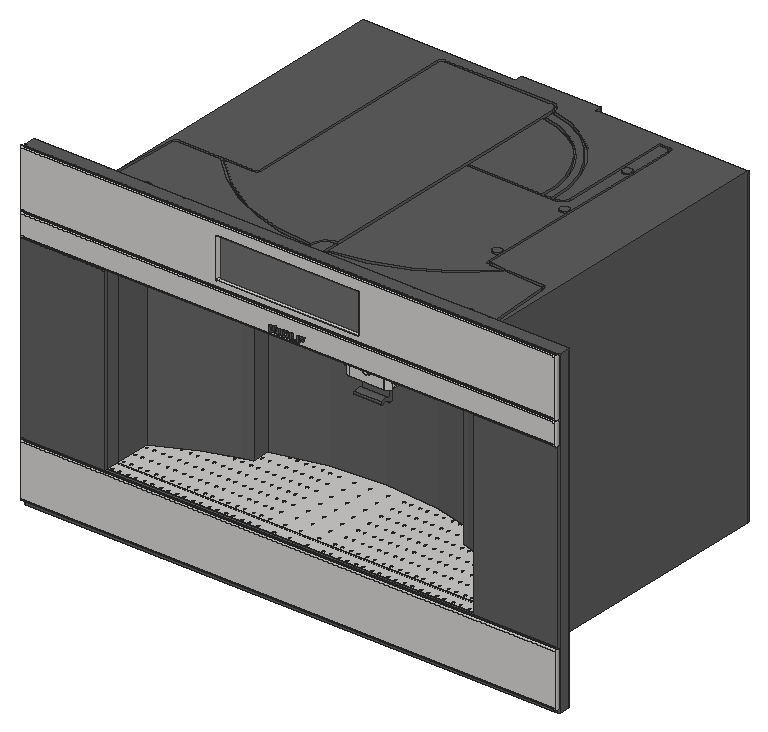
Revit family "EC3050CM", category Specialty Equipment, Revit 2017
Family settings
  Round Connector Dimension = Use Diameter
  Part Type = Normal
  OmniClass Number = 23.40.40.11.21
  OmniClass Title = Hot Cabinets
  Work Plane-Based = No
  Always vertical = Yes
  Cut with Voids When Loaded = No
  Shared = No
  Room Calculation Point = No
Parameters (values of type "EC3050CMS")
  URL = "http://www.yepsketch.com"
  Model = "EC3050CMS"
  Manufacturer = "Subzero Wolf"
  Author = "Yepsketch"
  Assembly Code = "E1090320"
Reference planes (in)
  plane 1 "Center (Front/Back)": y = 0
  plane 2: z = 0
  plane 3 "Center (Left/Right)": x = 0
Forms (in)
  Extrusion 1, solid, material "Thermoplastic Resin"
    sketch origin (0, 7.12532, 0) x (1, 0, 0) y (0, 1, 0)
      loop
        line (-10.56417, 11.49096) -> (-10.56417, -6.19009) -> (10.89149, -6.19009) -> (10.89149, 11.48176)
        arc (10.89149, 11.48176) -> (10.88186, 11.505) -> (10.85861, 11.51463) r 0.03287
        line (10.85861, 11.51463) -> (2.4247, 11.51463)
        arc (2.4247, 11.51463) -> (2.39736, 11.52596) -> (2.38603, 11.5533) r 0.03867
        line (2.38603, 11.5533) -> (2.38603, 11.83137)
        arc (2.38603, 11.83137) -> (2.36087, 11.89211) -> (2.30014, 11.91727) r 0.08589
        line (2.30014, 11.91727) -> (-2.01654, 11.91727)
        arc (-2.01654, 11.91727) -> (-2.04636, 11.90491) -> (-2.05872, 11.87508) r 0.04218
        line (-2.05872, 11.87508) -> (-2.05872, 11.54377)
        arc (-2.05872, 11.54377) -> (-2.06741, 11.5228) -> (-2.08838, 11.51412) r 0.02966
        line (-2.08838, 11.51412) -> (-10.54102, 11.51412)
        arc (-10.54102, 11.51412) -> (-10.55739, 11.50733) -> (-10.56417, 11.49096) r 0.02316
    from 0 to 17.50389
  Extrusion 2, solid, material "Thermoplastic Resin"
    sketch origin (0, 7.12532, 0) x (1, 0, 0) y (0, 1, 0)
      loop
        arc (-14.69217, -6.15193) -> (-14.72116, -6.16394) -> (-14.73318, -6.19294) r 0.04101
        line (-14.73318, -6.19294) -> (-14.73318, -6.74089)
        arc (-14.73318, -6.74089) -> (-14.70711, -6.80383) -> (-14.64418, -6.82989) r 0.089
        line (-14.64418, -6.82989) -> (-14.60702, -6.82989) -> (-14.60702, -6.86238) -> (14.81081, -6.86238) -> (14.81081, -6.82989) -> (14.97149, -6.82989)
        arc (14.97149, -6.82989) -> (15.03442, -6.80383) -> (15.06049, -6.74089) r 0.089
        line (15.06049, -6.74089) -> (15.06049, -6.20194)
        arc (15.06049, -6.20194) -> (15.04584, -6.16657) -> (15.01047, -6.15193) r 0.05001
        line (15.01047, -6.15193) -> (-14.69217, -6.15193)
    from 0 to 17.89035
  Extrusion 3, solid, material "Stainless Steel, Brushed"
    sketch origin (0, 7.12532, 0) x (0, 1, 0) y (0, 0, 1)
      loop
        line (-6.97925, 17.8877) -> (-6.97925, 17.92118) -> (-7.06184, 17.92118)
        arc (-7.06184, 17.92118) -> (-7.10673, 17.90259) -> (-7.12532, 17.8577) r 0.06348
        line (-7.12532, 17.8577) -> (-7.12532, 14.7687)
        arc (-7.12532, 14.7687) -> (-7.10775, 14.72628) -> (-7.06532, 14.7087) r 0.06
        line (-7.06532, 14.7087) -> (-6.97925, 14.7087) -> (-6.97925, 14.741)
        arc (-6.97925, 14.741) -> (-6.92582, 14.75199) -> (-6.88306, 14.78586) r 0.11786
        line (-6.88306, 14.78586) -> (-6.88306, 17.79151)
        arc (-6.88306, 17.79151) -> (-6.91124, 17.85953) -> (-6.97925, 17.8877) r 0.09619
    from -14.76984 to 15.10791
  Extrusion 4, solid, material "Stainless Steel, Brushed"
    sketch origin (0, 7.12532, -14.65955) x (0, 1, 0) y (0, 0, 1)
      loop
        line (-6.97925, 17.8877) -> (-6.97925, 17.92118) -> (-7.03893, 17.92118)
        arc (-7.03893, 17.92118) -> (-7.08382, 17.90259) -> (-7.10241, 17.8577) r 0.06348
        line (-7.10241, 17.8577) -> (-7.10241, 14.98643)
        arc (-7.10241, 14.98643) -> (-7.08484, 14.944) -> (-7.04241, 14.92643) r 0.06
        line (-7.04241, 14.92643) -> (-6.97925, 14.92643) -> (-6.97925, 14.95872)
        arc (-6.97925, 14.95872) -> (-6.92582, 14.96971) -> (-6.88306, 15.00358) r 0.11786
        line (-6.88306, 15.00358) -> (-6.88306, 17.79151)
        arc (-6.88306, 17.79151) -> (-6.91124, 17.85953) -> (-6.97925, 17.8877) r 0.09619
    from -14.76984 to 15.10791
  Extrusion 5, solid, material "Thermoplastic Resin"
    sketch origin (-0.03592, 0, 12.01182) x (1, 0, 0) y (0, 0, 1)
      loop
        line (-0.78338, 1.93507) -> (-0.78338, 1.6486)
        arc (-0.78338, 1.6486) -> (-0.76479, 1.60964) -> (-0.7228, 1.59961) r 0.05011
        arc (-0.7228, 1.59961) -> (-0.61616, 1.62639) -> (-0.5079, 1.64558) r 1.55626
        arc (-0.5079, 1.64558) -> (-0.40084, 1.6278) -> (-0.2958, 1.60049) r 1.20968
        arc (-0.2958, 1.60049) -> (-0.25018, 1.60972) -> (-0.23318, 1.65304) r 0.04866
        line (-0.23318, 1.65304) -> (-0.23318, 1.93125)
        arc (-0.23318, 1.93125) -> (-0.31238, 1.89844) -> (-0.34519, 1.81924) r 0.11201
        line (-0.34519, 1.81924) -> (-0.34519, 1.70699)
        arc (-0.34519, 1.70699) -> (-0.35261, 1.68908) -> (-0.37053, 1.68166) r 0.02534
        arc (-0.37053, 1.68166) -> (-0.43864, 1.69691) -> (-0.5079, 1.70549) r 0.72005
        arc (-0.5079, 1.70549) -> (-0.57894, 1.69799) -> (-0.64803, 1.67986) r 0.47224
        arc (-0.64803, 1.67986) -> (-0.6643, 1.6866) -> (-0.67104, 1.70287) r 0.02301
        line (-0.67104, 1.70287) -> (-0.67104, 1.82273)
        arc (-0.67104, 1.82273) -> (-0.70394, 1.90217) -> (-0.78338, 1.93507) r 0.11235
      loop
        arc (-0.56557, 1.90748) -> (-0.5872, 1.89239) -> (-0.60229, 1.87076) r 0.07521
        arc (-0.60229, 1.87076) -> (-0.59345, 1.78059) -> (-0.51043, 1.74433) r 0.08951
        arc (-0.51043, 1.74433) -> (-0.47511, 1.76343) -> (-0.46243, 1.80153) r 0.05455
        arc (-0.46243, 1.80153) -> (-0.46214, 1.81803) -> (-0.45569, 1.83322) r 0.04323
        arc (-0.45569, 1.83322) -> (-0.43543, 1.81122) -> (-0.42883, 1.78205) r 0.05798
        arc (-0.42883, 1.78205) -> (-0.41536, 1.79598) -> (-0.40624, 1.81308) r 0.06974
        arc (-0.40624, 1.81308) -> (-0.4108, 1.85645) -> (-0.43391, 1.89342) r 0.09691
        line (-0.43391, 1.89342) -> (-0.45673, 1.91625)
        arc (-0.45673, 1.91625) -> (-0.47997, 1.95054) -> (-0.49449, 1.98935) r 0.17478
        arc (-0.49449, 1.98935) -> (-0.51379, 1.97221) -> (-0.52256, 1.94794) r 0.05234
        arc (-0.52256, 1.94794) -> (-0.5155, 1.91422) -> (-0.51539, 1.87978) r 0.16948
        arc (-0.51539, 1.87978) -> (-0.52642, 1.85392) -> (-0.55331, 1.8621) r 0.02104
        arc (-0.55331, 1.8621) -> (-0.56264, 1.88392) -> (-0.56557, 1.90748) r 0.08502
      loop
        line (-0.13714, 1.82707) -> (-0.13714, 1.70373)
        arc (-0.13714, 1.70373) -> (-0.09523, 1.61485) -> (0, 1.59063) r 0.1152
        line (0, 1.59063) -> (0.17151, 1.59063)
        arc (0.17151, 1.59063) -> (0.25662, 1.62589) -> (0.29188, 1.711) r 0.12037
        line (0.29188, 1.711) -> (0.29188, 1.81888)
        arc (0.29188, 1.81888) -> (0.25662, 1.90399) -> (0.17151, 1.93924) r 0.12037
        line (0.17151, 1.93924) -> (0, 1.93924)
        arc (0, 1.93924) -> (-0.09515, 1.91565) -> (-0.13714, 1.82707) r 0.11445
      loop
        arc (0.1346, 1.64398) -> (0.17192, 1.65944) -> (0.18738, 1.69676) r 0.05278
        line (0.18738, 1.69676) -> (0.18738, 1.83018)
        arc (0.18738, 1.83018) -> (0.17192, 1.8675) -> (0.1346, 1.88296) r 0.05278
        line (0.1346, 1.88296) -> (0.018, 1.88296)
        arc (0.018, 1.88296) -> (-0.02223, 1.86286) -> (-0.03032, 1.81862) r 0.05032
        line (-0.03032, 1.81862) -> (-0.03032, 1.71287)
        arc (-0.03032, 1.71287) -> (-0.01014, 1.66416) -> (0.03857, 1.64398) r 0.06889
        line (0.03857, 1.64398) -> (0.1346, 1.64398)
      loop
        arc (0.8275, 1.93924) -> (0.78371, 1.92111) -> (0.76557, 1.87732) r 0.06192
        line (0.76557, 1.87732) -> (0.76557, 1.65068)
        arc (0.76557, 1.65068) -> (0.8195, 1.59675) -> (0.87343, 1.65068) r 0.05393
        line (0.87343, 1.65068) -> (0.87343, 1.6847)
        arc (0.87343, 1.6847) -> (0.88527, 1.70013) -> (0.90382, 1.70598) r 0.03234
        line (0.90382, 1.70598) -> (1.06376, 1.70598)
        arc (1.06376, 1.70598) -> (1.09629, 1.73851) -> (1.06376, 1.77105) r 0.03253
        line (1.06376, 1.77105) -> (0.88126, 1.77105)
        arc (0.88126, 1.77105) -> (0.87349, 1.80451) -> (0.88126, 1.83797) r 0.07591
        line (0.88126, 1.83797) -> (1.06376, 1.83797)
        arc (1.06376, 1.83797) -> (1.13029, 1.86868) -> (1.15008, 1.93924) r 0.08743
        line (1.15008, 1.93924) -> (0.8275, 1.93924)
      loop
        arc (0.50305, 1.82698) -> (0.47017, 1.90636) -> (0.39079, 1.93924) r 0.11226
        line (0.39079, 1.93924) -> (0.39079, 1.65068)
        arc (0.39079, 1.65068) -> (0.40668, 1.61231) -> (0.44504, 1.59642) r 0.05425
        line (0.44504, 1.59642) -> (0.69605, 1.59642)
        arc (0.69605, 1.59642) -> (0.72741, 1.62779) -> (0.69605, 1.65915) r 0.03137
        line (0.69605, 1.65915) -> (0.5263, 1.65915)
        arc (0.5263, 1.65915) -> (0.50986, 1.66596) -> (0.50305, 1.6824) r 0.02324
        line (0.50305, 1.6824) -> (0.50305, 1.82698)
    from -0.26294 to 0.06132
  Extrusion 6, void
    sketch origin (0, 7.12532, 0) x (1, 0, 0) y (0, 1, 0)
      loop
        line (10.43658, -7.47925) -> (10.43658, -4.12556)
        arc (10.43658, -4.12556) -> (0.17625, -1.55558) -> (-10.08408, -4.12556) r 21.76654
        line (-10.08408, -4.12556) -> (-10.08408, -7.47925) -> (10.43658, -7.47925)
    from 3.35827 to 13.41379
  Extrusion 7, void
    sketch origin (0, 7.12532, 0) x (1, 0, 0) y (0, 1, 0)
      loop
        line (6.1621, -2.39482) -> (6.1621, -1.31974)
        arc (6.1621, -1.31974) -> (0.28683, -0.39574) -> (-5.58408, -1.3471) r 18.86171
        line (-5.58408, -1.3471) -> (-5.58408, -2.39482) -> (6.1621, -2.39482)
    from 3.35827 to 12.25674
  Extrusion 8, solid, material "Stainless Steel, Brushed"
    sketch origin (0, 0, 0) x (1, 0, 0) y (0, 0, 1)
      loop
        arc (-0.99053, 12.25674) -> (-1.04261, 12.23517) -> (-1.06418, 12.18309) r 0.07365
        line (-1.06418, 12.18309) -> (-1.06418, 9.0422)
        arc (-1.06418, 9.0422) -> (-1.05479, 8.99904) -> (-1.0211, 8.9705) r 0.06879
        line (-1.0211, 8.9705) -> (1.3753, 8.9705)
        arc (1.3753, 8.9705) -> (1.42013, 9.0049) -> (1.43713, 9.05879) r 0.09396
        line (1.43713, 9.05879) -> (1.43713, 12.16873)
        arc (1.43713, 12.16873) -> (1.42922, 12.22878) -> (1.3755, 12.25674) r 0.06558
        line (1.3755, 12.25674) -> (-0.99053, 12.25674)
    from -6.50267 to -5.46152
  Extrusion 9, void
    sketch origin (0, 7.12532, 0) x (1, 0, 0) y (0, 1, 0)
      loop
        line (-0.75, -0.65833) -> (-0.75, -0.62266) -> (-1.11603, -0.62266) -> (-1.11603, -0.88277) -> (-1.08095, -0.88277)
        arc (-1.08095, -0.88277) -> (-0.95427, -0.71335) -> (-0.75, -0.65833) r 0.32374
    from 8.9705 to 12.25674
  Extrusion 10, void
    sketch origin (0, 4.83887, 0) x (1, 0, 0) y (0, 1, 0)
      loop
        arc (-0.75, 0.65833) -> (-0.95427, 0.71335) -> (-1.08095, 0.88277) r 0.32374
        line (-1.08095, 0.88277) -> (-1.11603, 0.88277) -> (-1.11603, 0.62266) -> (-0.75, 0.62266) -> (-0.75, 0.65833)
    from 8.9705 to 12.25674
  Extrusion 11, void
    sketch origin (0.36435, 7.12532, 0) x (-1, 0, 0) y (0, -1, 0)
      loop
        arc (-0.75, 0.65833) -> (-0.95427, 0.71335) -> (-1.08095, 0.88277) r 0.32374
        line (-1.08095, 0.88277) -> (-1.11603, 0.88277) -> (-1.11603, 0.62266) -> (-0.75, 0.62266) -> (-0.75, 0.65833)
    from 8.9705 to 12.25674
  Extrusion 12, void
    sketch origin (0.36435, 4.83887, 0) x (-1, 0, 0) y (0, -1, 0)
      loop
        line (-0.75, -0.65833) -> (-0.75, -0.62266) -> (-1.11603, -0.62266) -> (-1.11603, -0.88277) -> (-1.08095, -0.88277)
        arc (-1.08095, -0.88277) -> (-0.95427, -0.71335) -> (-0.75, -0.65833) r 0.32374
    from 8.9705 to 12.25674
  Extrusion 13, void
    sketch origin (0, 0, 0) x (1, 0, 0) y (0, 0, 1)
      loop
        arc (0.20907, 9.90188) -> (0.17042, 9.85411) -> (0.16908, 9.79268) r 0.09502
        arc (0.16908, 9.79268) -> (0.18215, 9.72731) -> (0.18063, 9.66066) r 0.30348
        arc (0.18063, 9.66066) -> (0.14266, 9.61745) -> (0.08817, 9.63589) r 0.05184
        arc (0.08817, 9.63589) -> (0.07317, 9.68429) -> (0.06832, 9.73474) r 0.248
        arc (0.06832, 9.73474) -> (0.03117, 9.70357) -> (0, 9.66642) r 0.27811
        arc (0, 9.66642) -> (-0.03214, 9.56447) -> (0, 9.46251) r 0.17777
        arc (0, 9.46251) -> (0.08156, 9.39864) -> (0.18488, 9.39109) r 0.17777
        arc (0.18488, 9.39109) -> (0.26455, 9.44662) -> (0.28288, 9.54199) r 0.12895
        arc (0.28288, 9.54199) -> (0.28669, 9.5608) -> (0.30015, 9.57448) r 0.03369
        arc (0.30015, 9.57448) -> (0.34555, 9.53065) -> (0.36081, 9.46941) r 0.11445
        arc (0.36081, 9.46941) -> (0.40365, 9.53676) -> (0.39744, 9.61633) r 0.12602
        arc (0.39744, 9.61633) -> (0.3554, 9.68927) -> (0.29688, 9.74979) r 0.34354
        arc (0.29688, 9.74979) -> (0.24434, 9.82085) -> (0.20907, 9.90188) r 0.39184
      loop
        arc (0.31058, 9.76443) -> (0.25569, 9.84161) -> (0.22208, 9.93015) r 0.37184
        arc (0.22208, 9.93015) -> (0.15685, 9.87305) -> (0.15001, 9.78663) r 0.11502
        arc (0.15001, 9.78663) -> (0.16222, 9.72557) -> (0.1608, 9.66331) r 0.28348
        arc (0.1608, 9.66331) -> (0.13859, 9.63709) -> (0.10548, 9.64632) r 0.03184
        arc (0.10548, 9.64632) -> (0.08968, 9.70824) -> (0.09167, 9.77212) r 0.228
        arc (0.09167, 9.77212) -> (0.0319, 9.7316) -> (-0.01638, 9.67789) r 0.29811
        arc (-0.01638, 9.67789) -> (-0.05214, 9.56447) -> (-0.01638, 9.45104) r 0.19777
        arc (-0.01638, 9.45104) -> (0.07435, 9.37999) -> (0.1893, 9.37158) r 0.19777
        arc (0.1893, 9.37158) -> (0.28248, 9.43754) -> (0.3016, 9.55009) r 0.14895
        arc (0.3016, 9.55009) -> (0.33835, 9.49516) -> (0.3301, 9.42959) r 0.09445
        arc (0.3301, 9.42959) -> (0.41499, 9.50834) -> (0.41586, 9.62412) r 0.14602
        arc (0.41586, 9.62412) -> (0.37181, 9.70072) -> (0.31058, 9.76443) r 0.36354
    from -5.47663 to -5.4035
  Extrusion 14, solid, material "Thermoplastic Resin"
    sketch origin (0, 7.12532, 0) x (1, 0, 0) y (0, 1, 0)
      loop
        line (-1.0654, -1.51266) -> (-1.0654, -0.77485)
        arc (-1.0654, -0.77485) -> (-1.38347, -1.14376) -> (-1.0654, -1.51266) r 0.37297
      loop
        arc (1.43713, -1.51224) -> (1.75242, -1.14376) -> (1.43713, -0.77528) r 0.37297
        line (1.43713, -0.77528) -> (1.43713, -1.51224)
    from 9.34198 to 12.25674
  Extrusion 15, solid, material "Thermoplastic Resin"
    sketch origin (0, 0, 0) x (1, 0, 0) y (0, 0, 1)
      loop
        line (3.63763, 12.25674) -> (1.80142, 12.25674) -> (1.80142, 10.28113)
        arc (1.80142, 10.28113) -> (1.8242, 10.22611) -> (1.87922, 10.20332) r 0.0778
        line (1.87922, 10.20332) -> (2.88062, 10.20332) -> (2.88062, 11.77288)
        arc (2.88062, 11.77288) -> (2.9035, 11.8281) -> (2.95872, 11.85098) r 0.07809
        line (2.95872, 11.85098) -> (3.56601, 11.85098)
        arc (3.56601, 11.85098) -> (3.61666, 11.87195) -> (3.63763, 11.9226) r 0.07162
        line (3.63763, 11.9226) -> (3.63763, 12.25674)
    from -6.80603 to -6.28096
  Extrusion 16, solid, material "Thermoplastic Resin"
    sketch origin (0, 0, 0) x (1, 0, 0) y (0, 0, 1)
      loop
        line (3.09625, 12.25674) -> (2.0222, 12.25674) -> (2.0222, 11.90363)
        arc (2.0222, 11.90363) -> (2.07285, 11.8872) -> (2.12476, 11.8754) r 0.59081
        line (2.12476, 11.8754) -> (2.12476, 10.64971)
        arc (2.12476, 10.64971) -> (2.15218, 10.58351) -> (2.21839, 10.55608) r 0.09363
        line (2.21839, 10.55608) -> (2.54973, 10.55608)
        arc (2.54973, 10.55608) -> (2.60515, 10.57904) -> (2.62811, 10.63446) r 0.07838
        line (2.62811, 10.63446) -> (2.62811, 11.83337)
        arc (2.62811, 11.83337) -> (2.66624, 11.87122) -> (2.71815, 11.88506) r 0.10427
        line (2.71815, 11.88506) -> (3.03833, 11.88506)
        arc (3.03833, 11.88506) -> (3.07929, 11.90203) -> (3.09625, 11.94298) r 0.05792
        line (3.09625, 11.94298) -> (3.09625, 12.25674)
    from -6.28096 to -6.21407
  Extrusion 17, solid, material "Thermoplastic Resin"
    sketch origin (0, 0, 0) x (1, 0, 0) y (0, 0, 1)
      loop
        arc (2.08069, 11.26495) -> (2.13805, 11.08842) -> (2.28823, 10.97934) r 0.30029
        line (2.28823, 10.97934) -> (2.48346, 10.97934)
        arc (2.48346, 10.97934) -> (2.63358, 11.08845) -> (2.69092, 11.26495) r 0.30032
        line (2.69092, 11.26495) -> (2.69092, 11.83379)
        arc (2.69092, 11.83379) -> (2.63433, 11.97041) -> (2.49771, 12.027) r 0.19321
        line (2.49771, 12.027) -> (2.28515, 12.027)
        arc (2.28515, 12.027) -> (2.13688, 11.91323) -> (2.08069, 11.73499) r 0.31075
        line (2.08069, 11.73499) -> (2.08069, 11.26495)
    from -6.21407 to -6.1554
  Extrusion 18, solid, material "Thermoplastic Resin"
    sketch origin (0, 0, 0) x (1, 0, 0) y (0, 0, 1)
      loop
        arc (2.28823, 10.98856) -> (2.29476, 10.9728) -> (2.31052, 10.96626) r 0.0223
        line (2.31052, 10.96626) -> (2.46109, 10.96626)
        arc (2.46109, 10.96626) -> (2.47693, 10.97126) -> (2.48705, 10.98444) r 0.02762
        line (2.48705, 10.98444) -> (2.48705, 12.22934)
        arc (2.48705, 12.22934) -> (2.47778, 12.24362) -> (2.46169, 12.24916) r 0.02613
        line (2.46169, 12.24916) -> (2.31653, 12.24916)
        arc (2.31653, 12.24916) -> (2.29929, 12.24366) -> (2.28823, 12.22934) r 0.03043
        line (2.28823, 12.22934) -> (2.28823, 10.98856)
    from -6.11295 to -6.21407
  Extrusion 19, solid, material "Thermoplastic Resin"
    sketch origin (0, 7.12532, 0) x (0, 1, 0) y (0, 0, 1)
      loop
        line (-0.84436, 8.9705) -> (-0.99436, 8.9705) -> (-0.99436, 8.19369)
        arc (-0.99436, 8.19369) -> (-1.26723, 8.29577) -> (-1.55106, 8.23005) r 0.50472
        arc (-1.55106, 8.23005) -> (-1.57884, 8.12769) -> (-1.47648, 8.0999) r 0.075
        arc (-1.47648, 8.0999) -> (-1.20832, 8.13476) -> (-0.99352, 7.9705) r 0.35472
        line (-0.99352, 7.9705) -> (-0.84436, 7.9705) -> (-0.84436, 8.9705)
    from -0.57 to 0.94415
  Extrusion 20, solid, material "Thermoplastic Resin"
    sketch origin (0, 7.12532, 0) x (1, 0, 0) y (0, 1, 0)
      loop
        circle (-0.4373, -1.08937) r 0.02
      loop
        circle (0.82051, -1.08937) r 0.02
    from 8.77454 to 9.01713
  Extrusion 21, void
    sketch origin (0, 7.12532, 0) x (1, 0, 0) y (0, 1, 0)
      loop
        circle (-9.90171, -6.74661) r 0.06
      loop
        circle (-9.49728, -6.74661) r 0.06
      loop
        circle (-8.99728, -6.74661) r 0.06
      loop
        circle (-8.59285, -6.74661) r 0.06
      loop
        circle (-8.09285, -6.74661) r 0.06
      loop
        circle (-7.68843, -6.74661) r 0.06
      loop
        circle (-7.18843, -6.74661) r 0.06
      loop
        circle (-6.784, -6.74661) r 0.06
      loop
        circle (-6.284, -6.74661) r 0.06
      loop
        circle (-5.87957, -6.74661) r 0.06
      loop
        circle (-5.37957, -6.74661) r 0.06
      loop
        circle (-4.97515, -6.74661) r 0.06
      loop
        circle (-4.47515, -6.74661) r 0.06
      loop
        circle (-4.07072, -6.74661) r 0.06
      loop
        circle (-3.57072, -6.74661) r 0.06
      loop
        circle (-3.1663, -6.74661) r 0.06
      loop
        circle (-2.6663, -6.74661) r 0.06
      loop
        circle (-2.26187, -6.74661) r 0.06
      loop
        circle (-1.76187, -6.74661) r 0.06
      loop
        circle (1.84829, -6.74661) r 0.06
      loop
        circle (2.25272, -6.74661) r 0.06
      loop
        circle (2.75272, -6.74661) r 0.06
      loop
        circle (3.15715, -6.74661) r 0.06
      loop
        circle (3.65715, -6.74661) r 0.06
      loop
        circle (4.06157, -6.74661) r 0.06
      loop
        circle (4.56157, -6.74661) r 0.06
      loop
        circle (4.966, -6.74661) r 0.06
      loop
        circle (5.466, -6.74661) r 0.06
      loop
        circle (5.87043, -6.74661) r 0.06
      loop
        circle (6.37043, -6.74661) r 0.06
      loop
        circle (6.77485, -6.74661) r 0.06
      loop
        circle (7.27485, -6.74661) r 0.06
      loop
        circle (7.67928, -6.74661) r 0.06
      loop
        circle (8.17928, -6.74661) r 0.06
      loop
        circle (8.5837, -6.74661) r 0.06
      loop
        circle (9.0837, -6.74661) r 0.06
      loop
        circle (9.48813, -6.74661) r 0.06
      loop
        circle (9.98813, -6.74661) r 0.06
      loop
        circle (-0.03032, -6.74661) r 0.06
      loop
        circle (0.96968, -6.74661) r 0.06
      loop
        circle (-0.90645, -6.74661) r 0.06
    from 3.16504 to 3.46811
  Extrusion 22, void
    sketch origin (0, 7.92532, 0) x (1, 0, 0) y (0, 1, 0)
      loop
        circle (-9.90171, -6.74661) r 0.06
      loop
        circle (-9.49728, -6.74661) r 0.06
      loop
        circle (-8.99728, -6.74661) r 0.06
      loop
        circle (-8.59285, -6.74661) r 0.06
      loop
        circle (-8.09285, -6.74661) r 0.06
      loop
        circle (-7.68843, -6.74661) r 0.06
      loop
        circle (-7.18843, -6.74661) r 0.06
      loop
        circle (-6.784, -6.74661) r 0.06
      loop
        circle (-6.284, -6.74661) r 0.06
      loop
        circle (-5.87957, -6.74661) r 0.06
      loop
        circle (-5.37957, -6.74661) r 0.06
      loop
        circle (-4.97515, -6.74661) r 0.06
      loop
        circle (-4.47515, -6.74661) r 0.06
      loop
        circle (-4.07072, -6.74661) r 0.06
      loop
        circle (-3.57072, -6.74661) r 0.06
      loop
        circle (-3.1663, -6.74661) r 0.06
      loop
        circle (-2.6663, -6.74661) r 0.06
      loop
        circle (-2.26187, -6.74661) r 0.06
      loop
        circle (-1.76187, -6.74661) r 0.06
      loop
        circle (1.84829, -6.74661) r 0.06
      loop
        circle (2.25272, -6.74661) r 0.06
      loop
        circle (2.75272, -6.74661) r 0.06
      loop
        circle (3.15715, -6.74661) r 0.06
      loop
        circle (3.65715, -6.74661) r 0.06
      loop
        circle (4.06157, -6.74661) r 0.06
      loop
        circle (4.56157, -6.74661) r 0.06
      loop
        circle (4.966, -6.74661) r 0.06
      loop
        circle (5.466, -6.74661) r 0.06
      loop
        circle (5.87043, -6.74661) r 0.06
      loop
        circle (6.37043, -6.74661) r 0.06
      loop
        circle (6.77485, -6.74661) r 0.06
      loop
        circle (7.27485, -6.74661) r 0.06
      loop
        circle (7.67928, -6.74661) r 0.06
      loop
        circle (8.17928, -6.74661) r 0.06
      loop
        circle (8.5837, -6.74661) r 0.06
      loop
        circle (9.0837, -6.74661) r 0.06
      loop
        circle (9.48813, -6.74661) r 0.06
      loop
        circle (9.98813, -6.74661) r 0.06
      loop
        circle (-0.03032, -6.74661) r 0.06
      loop
        circle (0.96968, -6.74661) r 0.06
      loop
        circle (-0.90645, -6.74661) r 0.06
    from 3.16504 to 3.46811
  Extrusion 23, void
    sketch origin (0, 8.72532, 0) x (1, 0, 0) y (0, 1, 0)
      loop
        circle (-9.90171, -6.74661) r 0.06
      loop
        circle (-9.49728, -6.74661) r 0.06
      loop
        circle (-8.99728, -6.74661) r 0.06
      loop
        circle (-8.59285, -6.74661) r 0.06
      loop
        circle (-8.09285, -6.74661) r 0.06
      loop
        circle (-7.68843, -6.74661) r 0.06
      loop
        circle (-7.18843, -6.74661) r 0.06
      loop
        circle (-6.784, -6.74661) r 0.06
      loop
        circle (-6.284, -6.74661) r 0.06
      loop
        circle (-5.87957, -6.74661) r 0.06
      loop
        circle (-5.37957, -6.74661) r 0.06
      loop
        circle (-4.97515, -6.74661) r 0.06
      loop
        circle (-4.47515, -6.74661) r 0.06
      loop
        circle (-4.07072, -6.74661) r 0.06
      loop
        circle (-3.57072, -6.74661) r 0.06
      loop
        circle (-3.1663, -6.74661) r 0.06
      loop
        circle (-2.6663, -6.74661) r 0.06
      loop
        circle (-2.26187, -6.74661) r 0.06
      loop
        circle (-1.76187, -6.74661) r 0.06
      loop
        circle (1.84829, -6.74661) r 0.06
      loop
        circle (2.25272, -6.74661) r 0.06
      loop
        circle (2.75272, -6.74661) r 0.06
      loop
        circle (3.15715, -6.74661) r 0.06
      loop
        circle (3.65715, -6.74661) r 0.06
      loop
        circle (4.06157, -6.74661) r 0.06
      loop
        circle (4.56157, -6.74661) r 0.06
      loop
        circle (4.966, -6.74661) r 0.06
      loop
        circle (5.466, -6.74661) r 0.06
      loop
        circle (5.87043, -6.74661) r 0.06
      loop
        circle (6.37043, -6.74661) r 0.06
      loop
        circle (6.77485, -6.74661) r 0.06
      loop
        circle (7.27485, -6.74661) r 0.06
      loop
        circle (7.67928, -6.74661) r 0.06
      loop
        circle (8.17928, -6.74661) r 0.06
      loop
        circle (8.5837, -6.74661) r 0.06
      loop
        circle (9.0837, -6.74661) r 0.06
      loop
        circle (9.48813, -6.74661) r 0.06
      loop
        circle (9.98813, -6.74661) r 0.06
      loop
        circle (-0.03032, -6.74661) r 0.06
      loop
        circle (0.96968, -6.74661) r 0.06
      loop
        circle (-0.90645, -6.74661) r 0.06
    from 3.16504 to 3.46811
  Extrusion 24, void
    sketch origin (0, 9.52532, 0) x (1, 0, 0) y (0, 1, 0)
      loop
        circle (-9.90171, -6.74661) r 0.06
      loop
        circle (-9.49728, -6.74661) r 0.06
      loop
        circle (-8.99728, -6.74661) r 0.06
      loop
        circle (-8.59285, -6.74661) r 0.06
      loop
        circle (-8.09285, -6.74661) r 0.06
      loop
        circle (-7.68843, -6.74661) r 0.06
      loop
        circle (-7.18843, -6.74661) r 0.06
      loop
        circle (-6.784, -6.74661) r 0.06
      loop
        circle (-6.284, -6.74661) r 0.06
      loop
        circle (-5.87957, -6.74661) r 0.06
      loop
        circle (-5.37957, -6.74661) r 0.06
      loop
        circle (-4.97515, -6.74661) r 0.06
      loop
        circle (-4.47515, -6.74661) r 0.06
      loop
        circle (-4.07072, -6.74661) r 0.06
      loop
        circle (-3.57072, -6.74661) r 0.06
      loop
        circle (-3.1663, -6.74661) r 0.06
      loop
        circle (-2.6663, -6.74661) r 0.06
      loop
        circle (-2.26187, -6.74661) r 0.06
      loop
        circle (-1.76187, -6.74661) r 0.06
      loop
        circle (1.84829, -6.74661) r 0.06
      loop
        circle (2.25272, -6.74661) r 0.06
      loop
        circle (2.75272, -6.74661) r 0.06
      loop
        circle (3.15715, -6.74661) r 0.06
      loop
        circle (3.65715, -6.74661) r 0.06
      loop
        circle (4.06157, -6.74661) r 0.06
      loop
        circle (4.56157, -6.74661) r 0.06
      loop
        circle (4.966, -6.74661) r 0.06
      loop
        circle (5.466, -6.74661) r 0.06
      loop
        circle (5.87043, -6.74661) r 0.06
      loop
        circle (6.37043, -6.74661) r 0.06
      loop
        circle (6.77485, -6.74661) r 0.06
      loop
        circle (7.27485, -6.74661) r 0.06
      loop
        circle (7.67928, -6.74661) r 0.06
      loop
        circle (8.17928, -6.74661) r 0.06
      loop
        circle (8.5837, -6.74661) r 0.06
      loop
        circle (9.0837, -6.74661) r 0.06
      loop
        circle (9.48813, -6.74661) r 0.06
      loop
        circle (9.98813, -6.74661) r 0.06
      loop
        circle (-0.03032, -6.74661) r 0.06
      loop
        circle (0.96968, -6.74661) r 0.06
      loop
        circle (-0.90645, -6.74661) r 0.06
    from 3.16504 to 3.46811
  Extrusion 25, void
    sketch origin (0, 10.32532, 0) x (1, 0, 0) y (0, 1, 0)
      loop
        circle (-8.59285, -6.74661) r 0.06
      loop
        circle (-8.09285, -6.74661) r 0.06
      loop
        circle (-7.68843, -6.74661) r 0.06
      loop
        circle (-7.18843, -6.74661) r 0.06
      loop
        circle (-6.784, -6.74661) r 0.06
      loop
        circle (-6.284, -6.74661) r 0.06
      loop
        circle (-5.87957, -6.74661) r 0.06
      loop
        circle (-5.37957, -6.74661) r 0.06
      loop
        circle (-4.97515, -6.74661) r 0.06
      loop
        circle (-4.47515, -6.74661) r 0.06
      loop
        circle (-4.07072, -6.74661) r 0.06
      loop
        circle (-3.57072, -6.74661) r 0.06
      loop
        circle (-3.1663, -6.74661) r 0.06
      loop
        circle (-2.6663, -6.74661) r 0.06
      loop
        circle (-2.26187, -6.74661) r 0.06
      loop
        circle (-1.76187, -6.74661) r 0.06
      loop
        circle (1.84829, -6.74661) r 0.06
      loop
        circle (2.25272, -6.74661) r 0.06
      loop
        circle (2.75272, -6.74661) r 0.06
      loop
        circle (3.15715, -6.74661) r 0.06
      loop
        circle (3.65715, -6.74661) r 0.06
      loop
        circle (4.06157, -6.74661) r 0.06
      loop
        circle (4.56157, -6.74661) r 0.06
      loop
        circle (4.966, -6.74661) r 0.06
      loop
        circle (5.466, -6.74661) r 0.06
      loop
        circle (5.87043, -6.74661) r 0.06
      loop
        circle (6.37043, -6.74661) r 0.06
      loop
        circle (6.77485, -6.74661) r 0.06
      loop
        circle (7.27485, -6.74661) r 0.06
      loop
        circle (7.67928, -6.74661) r 0.06
      loop
        circle (8.17928, -6.74661) r 0.06
      loop
        circle (8.5837, -6.74661) r 0.06
      loop
        circle (-0.03032, -6.74661) r 0.06
      loop
        circle (0.96968, -6.74661) r 0.06
      loop
        circle (-0.90645, -6.74661) r 0.06
    from 3.16504 to 3.46811
  Extrusion 26, void
    sketch origin (0, 11.12532, 0) x (1, 0, 0) y (0, 1, 0)
      loop
        circle (-6.284, -6.74661) r 0.06
      loop
        circle (-5.87957, -6.74661) r 0.06
      loop
        circle (-5.37957, -6.74661) r 0.06
      loop
        circle (-4.97515, -6.74661) r 0.06
      loop
        circle (-4.47515, -6.74661) r 0.06
      loop
        circle (-4.07072, -6.74661) r 0.06
      loop
        circle (-3.57072, -6.74661) r 0.06
      loop
        circle (-3.1663, -6.74661) r 0.06
      loop
        circle (-2.6663, -6.74661) r 0.06
      loop
        circle (-2.26187, -6.74661) r 0.06
      loop
        circle (-1.76187, -6.74661) r 0.06
      loop
        circle (1.84829, -6.74661) r 0.06
      loop
        circle (2.25272, -6.74661) r 0.06
      loop
        circle (2.75272, -6.74661) r 0.06
      loop
        circle (3.15715, -6.74661) r 0.06
      loop
        circle (3.65715, -6.74661) r 0.06
      loop
        circle (4.06157, -6.74661) r 0.06
      loop
        circle (4.56157, -6.74661) r 0.06
      loop
        circle (4.966, -6.74661) r 0.06
      loop
        circle (5.466, -6.74661) r 0.06
      loop
        circle (5.87043, -6.74661) r 0.06
      loop
        circle (6.37043, -6.74661) r 0.06
      loop
        circle (6.77485, -6.74661) r 0.06
      loop
        circle (-0.03032, -6.74661) r 0.06
      loop
        circle (0.96968, -6.74661) r 0.06
      loop
        circle (-0.90645, -6.74661) r 0.06
    from 3.16504 to 3.46811
  Extrusion 27, void
    sketch origin (0, 12.72532, 0) x (1, 0, 0) y (0, 1, 0)
      loop
        circle (-4.47515, -6.74661) r 0.06
      loop
        circle (-4.07072, -6.74661) r 0.06
      loop
        circle (-3.57072, -6.74661) r 0.06
      loop
        circle (-3.1663, -6.74661) r 0.06
      loop
        circle (-2.6663, -6.74661) r 0.06
      loop
        circle (-2.26187, -6.74661) r 0.06
      loop
        circle (-1.76187, -6.74661) r 0.06
      loop
        circle (1.84829, -6.74661) r 0.06
      loop
        circle (2.25272, -6.74661) r 0.06
      loop
        circle (2.75272, -6.74661) r 0.06
      loop
        circle (3.15715, -6.74661) r 0.06
      loop
        circle (3.65715, -6.74661) r 0.06
      loop
        circle (4.06157, -6.74661) r 0.06
      loop
        circle (4.56157, -6.74661) r 0.06
      loop
        circle (4.966, -6.74661) r 0.06
      loop
        circle (-0.03032, -6.74661) r 0.06
      loop
        circle (0.96968, -6.74661) r 0.06
      loop
        circle (-0.90645, -6.74661) r 0.06
    from 3.16504 to 3.35827
  Extrusion 28, void
    sketch origin (0, 7.12532, 0) x (1, 0, 0) y (0, 1, 0)
      loop
        line (-10.43787, -6.18224) -> (-10.2246, -2.11267)
        arc (-10.2246, -2.11267) -> (-10.18568, -2.01872) -> (-10.09172, -1.9798) r 0.13288
        line (-10.09172, -1.9798) -> (-7.70905, -1.9798)
        arc (-7.70905, -1.9798) -> (-4.13432, -4.64214) -> (0.22503, -5.57102) r 10.44095
        arc (0.22503, -5.57102) -> (0.3618, -4.98489) -> (0.90448, -4.72462) r 0.69592
        line (0.90448, -4.72462) -> (0.90448, -5.54347)
        arc (0.90448, -5.54347) -> (4.87961, -4.51122) -> (8.16241, -2.04335) r 10.58274
        line (8.16241, -2.04335) -> (10.23484, -2.12901)
        arc (10.23484, -2.12901) -> (10.3579, -2.17998) -> (10.40887, -2.30304) r 0.17403
        line (10.40887, -2.30304) -> (10.61258, -6.19009) -> (10.76279, -6.19009) -> (10.55884, -2.29851)
        arc (10.55884, -2.29851) -> (10.46362, -2.07358) -> (10.23841, -1.97903) r 0.32403
        line (10.23841, -1.97903) -> (7.97338, -1.8854) -> (7.27463, -1.85652)
        arc (7.27463, -1.85652) -> (7.22184, -1.83608) -> (7.19977, -1.78395) r 0.07261
        line (7.19977, -1.78395) -> (7.19977, 10.66415)
        arc (7.19977, 10.66415) -> (7.10977, 10.88142) -> (6.8925, 10.97141) r 0.30726
        line (6.8925, 10.97141) -> (6.37337, 10.97141) -> (6.37337, 4.72138)
        arc (6.37337, 4.72138) -> (6.26198, 4.45244) -> (5.99304, 4.34105) r 0.38033
        line (5.99304, 4.34105) -> (5.84971, 4.34105)
        arc (5.84971, 4.34105) -> (4.58305, 8.23524) -> (1.05448, 10.31332) r 5.78094
        arc (1.05448, 10.31332) -> (0.86854, 10.76223) -> (0.41963, 10.94817) r 0.63485
        line (0.41963, 10.94817) -> (-5.48194, 10.94817)
        arc (-5.48194, 10.94817) -> (-5.6803, 10.86601) -> (-5.76246, 10.66765) r 0.28052
        line (-5.76246, 10.66765) -> (-5.76246, -1.76267)
        arc (-5.76246, -1.76267) -> (-5.78212, -1.81014) -> (-5.82959, -1.8298) r 0.06713
        line (-5.82959, -1.8298) -> (-10.09172, -1.8298)
        arc (-10.09172, -1.8298) -> (-10.29009, -1.91101) -> (-10.37456, -2.10801) r 0.28288
        line (-10.37456, -2.10801) -> (-10.58808, -6.18224) -> (-10.43787, -6.18224)
      loop
        line (-5.82959, -1.9798) -> (-7.5092, -1.9798)
        arc (-7.5092, -1.9798) -> (-4.08822, -4.49834) -> (0.05857, -5.42054) r 10.29095
        arc (0.05857, -5.42054) -> (0.30633, -4.82239) -> (0.90448, -4.57462) r 0.84592
        line (0.90448, -4.57462) -> (0.90448, 10.31332)
        arc (0.90448, 10.31332) -> (0.76247, 10.65617) -> (0.41963, 10.79817) r 0.48485
        line (0.41963, 10.79817) -> (-5.48194, 10.79817)
        arc (-5.48194, 10.79817) -> (-5.57423, 10.75995) -> (-5.61246, 10.66765) r 0.13052
        line (-5.61246, 10.66765) -> (-5.61246, -1.76267)
        arc (-5.61246, -1.76267) -> (-5.67606, -1.9162) -> (-5.82959, -1.9798) r 0.21713
      loop
        line (1.05448, 10.16106) -> (1.05448, 9.67825)
        arc (1.05448, 9.67825) -> (4.25606, 7.86743) -> (5.3019, 4.34105) r 4.91066
        line (5.3019, 4.34105) -> (5.69953, 4.34105)
        arc (5.69953, 4.34105) -> (4.47637, 8.12847) -> (1.05448, 10.16106) r 5.63094
      loop
        line (-6.192, -6.19009) -> (-6.192, -6.01085) -> (-5.98145, -5.80031) -> (6.26855, -5.80031) -> (6.42878, -5.96055) -> (6.42878, -6.19009) -> (6.57878, -6.19009) -> (6.57878, -5.89841) -> (6.33068, -5.65031) -> (-6.04359, -5.65031) -> (-6.342, -5.94872) -> (-6.342, -6.19009) -> (-6.192, -6.19009)
      loop
        arc (1.05448, -5.38317) -> (4.83014, -4.36852) -> (7.96719, -2.03528) r 10.43274
        line (7.96719, -2.03528) -> (7.27237, -2.00656)
        arc (7.27237, -2.00656) -> (7.11497, -1.94136) -> (7.04977, -1.78395) r 0.22261
        line (7.04977, -1.78395) -> (7.04977, 10.66415)
        arc (7.04977, 10.66415) -> (7.00371, 10.77535) -> (6.8925, 10.82141) r 0.15726
        line (6.8925, 10.82141) -> (6.52337, 10.82141) -> (6.52337, 4.72138)
        arc (6.52337, 4.72138) -> (6.36804, 4.34638) -> (5.99304, 4.19105) r 0.53033
        line (5.99304, 4.19105) -> (1.05448, 4.19105) -> (1.05448, -5.38317)
      loop
        arc (5.15119, 4.34105) -> (4.14929, 7.76065) -> (1.05448, 9.52691) r 4.76066
        line (1.05448, 9.52691) -> (1.05448, 4.34105) -> (5.15119, 4.34105)
    from 17.3627 to 19.56477
  Extrusion 29, solid, material "Thermoplastic Resin"
    sketch origin (0, 7.12532, 0) x (1, 0, 0) y (0, 1, 0)
      loop
        circle (-8.82536, -5.84299) r 0.25
      loop
        circle (9.17464, -5.84299) r 0.25
      loop
        circle (6.78502, -0.84299) r 0.25
      loop
        circle (6.78502, 3.84451) r 0.25
      loop
        circle (6.78502, 8.19454) r 0.25
    from 17.46658 to 17.52551
  Sweep 30, void
    path origin (0, 0, 0) x (1, 0, 0) y (0, 0, 1)
      loop
        line (-14.76984, 0.26688) -> (-14.76984, 17.92118)
    profile origin (-14.76984, 0, 9.09403) x (-1, 0, 0) y (0, -1, 0)
      loop
        line (-0.0981, -0.25296) -> (0.07449, -0.25296) -> (0.07449, 0.0091) -> (-0.08802, 0.0091)
        arc (-0.08802, 0.0091) -> (-0.01402, -0.12497) -> (-0.0981, -0.25296) r 0.14824
  Sweep 31, void
    path origin (0.34311, 0, 0) x (-1, 0, 0) y (0, 0, 1)
      loop
        line (-14.76984, 0.26688) -> (-14.76984, 17.92118)
    profile origin (15.11295, 0, 9.09403) x (-1, 0, 0) y (0, -1, 0)
      loop
        arc (0.0981, -0.25296) -> (0.01402, -0.12497) -> (0.08802, 0.0091) r 0.14824
        line (0.08802, 0.0091) -> (-0.07449, 0.0091) -> (-0.07449, -0.25296) -> (0.0981, -0.25296)
  Extrusion 32, void
    sketch origin (0, 11.92532, 0) x (1, 0, 0) y (0, 1, 0)
      loop
        circle (-5.37957, -6.74661) r 0.06
      loop
        circle (-4.97515, -6.74661) r 0.06
      loop
        circle (-4.47515, -6.74661) r 0.06
      loop
        circle (-4.07072, -6.74661) r 0.06
      loop
        circle (-3.57072, -6.74661) r 0.06
      loop
        circle (-3.1663, -6.74661) r 0.06
      loop
        circle (-2.6663, -6.74661) r 0.06
      loop
        circle (-2.26187, -6.74661) r 0.06
      loop
        circle (-1.76187, -6.74661) r 0.06
      loop
        circle (1.84829, -6.74661) r 0.06
      loop
        circle (2.25272, -6.74661) r 0.06
      loop
        circle (2.75272, -6.74661) r 0.06
      loop
        circle (3.15715, -6.74661) r 0.06
      loop
        circle (3.65715, -6.74661) r 0.06
      loop
        circle (4.06157, -6.74661) r 0.06
      loop
        circle (4.56157, -6.74661) r 0.06
      loop
        circle (4.966, -6.74661) r 0.06
      loop
        circle (5.466, -6.74661) r 0.06
      loop
        circle (5.87043, -6.74661) r 0.06
      loop
        circle (-0.03032, -6.74661) r 0.06
      loop
        circle (0.96968, -6.74661) r 0.06
      loop
        circle (-0.90645, -6.74661) r 0.06
    from 3.16504 to 3.46811
  Extrusion 33, solid
    sketch origin (0.01273, 0, 0.01285) x (1, 0, 0) y (0, 0, 1)
      loop
        arc (-3.70029, 17.31285) -> (-3.79515, 17.27344) -> (-3.83442, 17.17853) r 0.13432
        line (-3.83442, 17.17853) -> (-3.83442, 15.11885)
        arc (-3.83442, 15.11885) -> (-3.81392, 15.06936) -> (-3.76442, 15.04885) r 0.07
        line (-3.76442, 15.04885) -> (4.04858, 15.04885)
        arc (4.04858, 15.04885) -> (4.09808, 15.06936) -> (4.11858, 15.11885) r 0.07
        line (4.11858, 15.11885) -> (4.11858, 17.24285)
        arc (4.11858, 17.24285) -> (4.09808, 17.29235) -> (4.04858, 17.31285) r 0.07
        line (4.04858, 17.31285) -> (-3.70029, 17.31285)
    from -0.14607 to 0
  Extrusion 34, void
    sketch origin (0.01273, 7.12532, 0.01285) x (1, 0, 0) y (0, 0, 1)
      loop
        arc (-3.76442, 17.30285) -> (-3.80685, 17.28528) -> (-3.82442, 17.24285) r 0.06
        line (-3.82442, 17.24285) -> (-3.82442, 15.11885)
        arc (-3.82442, 15.11885) -> (-3.80685, 15.07643) -> (-3.76442, 15.05885) r 0.06
        line (-3.76442, 15.05885) -> (4.0485, 15.05885)
        arc (4.0485, 15.05885) -> (4.09098, 15.07645) -> (4.10858, 15.11893) r 0.06008
        line (4.10858, 15.11893) -> (4.10858, 17.24285)
        arc (4.10858, 17.24285) -> (4.09101, 17.28528) -> (4.04858, 17.30285) r 0.06
        line (4.04858, 17.30285) -> (-3.76442, 17.30285)
    from 6.86238 to 7.5449
  Extrusion 35, solid, material "Glass, Frosted"
    sketch origin (0.01273, 7.12532, 0.00285) x (1, 0, 0) y (0, 0, 1)
      loop
        arc (-3.70029, 17.31285) -> (-3.79515, 17.27344) -> (-3.83442, 17.17853) r 0.13432
        line (-3.83442, 17.17853) -> (-3.83442, 15.11885)
        arc (-3.83442, 15.11885) -> (-3.81392, 15.06936) -> (-3.76442, 15.04885) r 0.07
        line (-3.76442, 15.04885) -> (4.04858, 15.04885)
        arc (4.04858, 15.04885) -> (4.09808, 15.06936) -> (4.11858, 15.11885) r 0.07
        line (4.11858, 15.11885) -> (4.11858, 17.24285)
        arc (4.11858, 17.24285) -> (4.09808, 17.29235) -> (4.04858, 17.31285) r 0.07
        line (4.04858, 17.31285) -> (-3.70029, 17.31285)
    from 6.84902 to 7.13536
  Extrusion 36, solid, material "Thermoplastic Resin"
    sketch origin (0, 7.12532, 0) x (1, 0, 0) y (0, 1, 0)
      loop
        arc (-7.06417, -2.81864) -> (0.16366, -3.62224) -> (7.39149, -2.81864) r 32.90633
        line (7.39149, -2.81864) -> (7.39149, 0) -> (-7.06417, 0) -> (-7.06417, -2.81864)
    from 12.25674 to 13.41379
  Extrusion 37, solid, material "Stainless Steel, Brushed"
    sketch origin (0, 7.12532, -3.48855) x (0, 1, 0) y (0, 0, 1)
      loop
        line (-6.97925, 18.09083) -> (-6.97925, 18.12431) -> (-7.06177, 18.12431)
        arc (-7.06177, 18.12431) -> (-7.10666, 18.10572) -> (-7.12525, 18.06083) r 0.06348
        line (-7.12525, 18.06083) -> (-7.12525, 16.96031)
        arc (-7.12525, 16.96031) -> (-7.10768, 16.91789) -> (-7.06525, 16.90031) r 0.06
        line (-7.06525, 16.90031) -> (-6.97925, 16.90031) -> (-6.97925, 16.93261)
        arc (-6.97925, 16.93261) -> (-6.92582, 16.9436) -> (-6.88306, 16.97746) r 0.11786
        line (-6.88306, 16.97746) -> (-6.88306, 17.99464)
        arc (-6.88306, 17.99464) -> (-6.91124, 18.06265) -> (-6.97925, 18.09083) r 0.09619
    from -14.76984 to 15.10791
  Extrusion 38, solid, material "Thermoplastic Resin"
    sketch origin (0, 7.12532, -4.73862) x (0, 1, 0) y (0, 0, 1)
      loop
        line (-7.05494, 18.06083) -> (-7.05494, 8.09598)
        arc (-7.05494, 8.09598) -> (-7.03737, 8.05356) -> (-6.99494, 8.03598) r 0.06
        line (-6.99494, 8.03598) -> (-6.88306, 8.03598) -> (-6.88306, 18.12431) -> (-6.99146, 18.12431)
        arc (-6.99146, 18.12431) -> (-7.03635, 18.10572) -> (-7.05494, 18.06083) r 0.06348
    from -14.76984 to 15.10791
Cuts and joins
  Extrusion 6, Extrusion 7, Extrusion 9, Extrusion 10, Extrusion 11, Extrusion 12, Extrusion 13, Extrusion 22, Extrusion 23, Extrusion 24, Extrusion 25, Extrusion 26, Extrusion 27, Extrusion 28, Extrusion 32 cuts Extrusion 1
  Extrusion 6, Extrusion 21, Extrusion 22, Extrusion 28, Sweep 31, Extrusion 34 cuts Extrusion 2
  Extrusion 6, Sweep 30, Sweep 31 cuts Extrusion 4
  Extrusion 6 cuts Extrusion 5
  Sweep 30, Sweep 31, Extrusion 34 cuts Extrusion 3
  Extrusion 9, Extrusion 10, Extrusion 11, Extrusion 12, Extrusion 13, Extrusion 28 cuts Extrusion 8
  Extrusion 28 cuts Extrusion 19
  Sweep 30, Sweep 31 cuts Extrusion 37
  Extrusion 6 cuts Extrusion 38
Dimensions and locks (in)
  aligned and locked: level to plane 2
